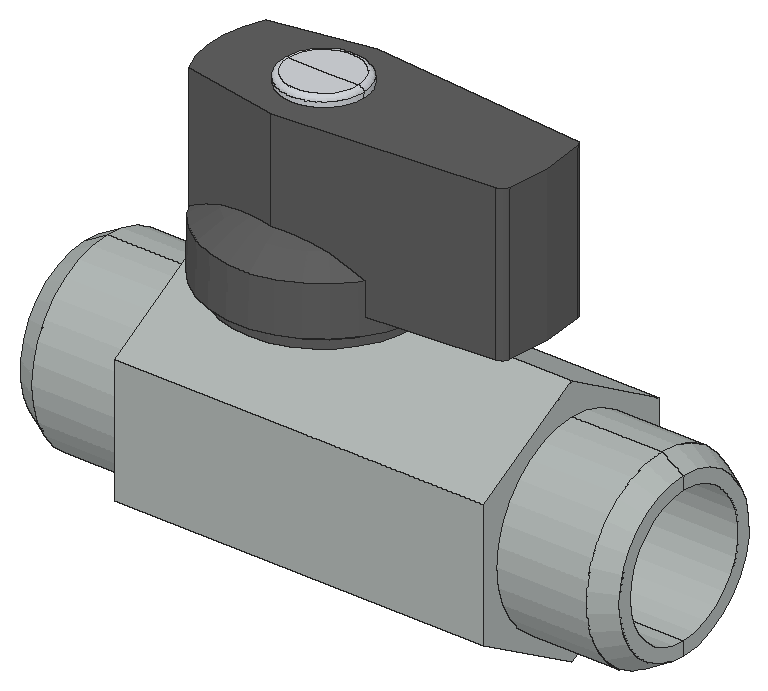
Revit family "QL10900000", category Apparecchi idraulici, Revit 2020
Family settings
  Quota connettore circolare = Usa diametro
  Tipo di parte = Normale
  Numero OmniClass = 23.45.00.00
  Titolo OmniClass = Sanitary, Laundry, and Cleaning Equipment
  Basato su piano di lavoro = No
  Sempre verticale = Sì
  Taglio con vuoti quando caricato = No
  Condiviso = No
  Punto di calcolo locali = No
Parameters
  URL = "https://web.cimberio.com/index.php/figura/36?subcategoria_id=47"
  Temperatura di esercizio = "-20 ÷ 95°C"
  Prospetto di default = 0 mm
  Produttore = "CIMBERIO SPA"
  Pressione nominale = "PN 150"
  Modello = "Cim 015"
  Materiale = "Prodotto in lega di ottone conforme alla norma EN 12165-CW617N-DW"
  Descrizione = "Realizzato in ottemperanza ai requisiti gestionali della norma EN ISO 9001.\r\nUtilizzato per la regolazione della temperatura degli ambienti e comandare apparecchi degli impianti di riscaldamento e condizionamento."
  DN Model [instance] = QL10901015 : QL10901015
  DN [instance] = 15 mm
  Commenti sul tipo = "Utilizzato nei più svariati settori dell'impiantistica: impianti di riscaldamento, condizionamento, idrici, igienico-sanitari, aria compressa e in generale con ogni fluido non corrosivo"
Reference planes
  plane 1 "Centro (Fronte/Retro)": y = 0
  plane 2: z = 0
  plane 3 "Centro (Sinistra/Destra)": x = 0
Dimensions and locks
  aligned and locked: level to plane 2
Nested families
  nested 1: "QL10901015" at (0, 0, 0), type <- "DN Model", type "QL10901015"
  nested 2: "QL10901015" at (0, 0, 0), type <- "DN Model", type "QL10901015"
  nested 3: "QL10901015" at (0, 0, 0), type <- "DN Model", type "QL10901015"
Connectors
  piping at (32.238, 0, 11.892), diameter 15, driven by "DN"
    settings: on nested 1, index 1, connector inside diameter 609.6 mm, connector length 0 mm, flow factor 0, pipe flow 0.0 L/s, pressure drop 0.0 Pa, fitting loss kfactor 0, connector angle 0.00°, fixture units 0, engagement length 0 mm, angle of deflection 0.00°, flow configuration 0, flow direction 0, fitting loss method 0, system type 7, joint type 0, gender type 0, connector reference index -1, connector utility 0, adjustable connector no, is connector primary yes, connector description ""
  piping at (-27.762, 0, 11.892), diameter 15, driven by "DN"
    settings: on nested 1, index 2, connector inside diameter 609.6 mm, connector length 0 mm, flow factor 0, pipe flow 0.0 L/s, pressure drop 0.0 Pa, fitting loss kfactor 0, connector angle 0.00°, fixture units 0, engagement length 0 mm, angle of deflection 0.00°, flow configuration 0, flow direction 0, fitting loss method 0, system type 7, joint type 0, gender type 0, connector reference index -1, connector utility 0, adjustable connector no, is connector primary no, connector description ""
Definition of nested family "QL10901015"
  Parameters (values of type "QL10901015")
    URL = "https://web.cimberio.com/index.php/figura/1418?subcategoria_id="
    Temperatura di esercizio = "-10 ÷ 110°C"
    Default Elevation = 0 mm
    Manufacturer = "CIMBERIO SPA"
    Pressione nominale = "PN 10"
    Model = "Cim 150VIC"
    Materiale = "Prodotto in lega di ottone conforme alla norma EN 12165-CW617N-DW"
    Description = "Utilizzato nei più svariati settori dell'impiantistica: impianti di riscaldamento, condizionamento, idrici, igienico-sanitari e in generale con ogni fluido non corrosivo"
    DN Model [instance] = HG00081015 : HG00081015
    DN [instance] = 15 mm
    Type Comments = "Realizzato in ottemperanza ai requisiti gestionali della norma EN ISO 9001.\r\nCollaudato al 100% secondo la normativa EN 12266-1"
  Reference planes
    plane 1 "Centro (Fronte/Retro)": y = 0
    plane 2: z = 0
    plane 3 "Centro (Sinistra/Destra)": x = 0
  Forms (mm)
    Extrusion 1, solid
      sketch origin (0, 0, 14) x (0, 1, 0) y (0, 0, 1)
        loop
          circle (0, 0) r 7.5
        loop
          line (0, 14) -> (-12.124, 7) -> (-12.124, -7) -> (0, -14) -> (12.124, -7) -> (12.124, 7) -> (0, 14)
      from -15.043 to 25.957
    Revolve 2, solid
      sketch origin (0.156, 0, -0.02) x (1, 0, 0) y (0, 0, 1)
        loop
          line (-13.65, 29.159) -> (-12.068, 28.245) -> (-12.068, 27.3) -> (-1.75, 27.3) -> (-1.75, 38.235)
          arc (-1.75, 38.235) -> (-7.968, 37.443) -> (-13.555, 34.603) r 18.326
          line (-13.555, 34.603) -> (-13.65, 29.159)
        axis (-1.75, 27.3) -> (-1.75, 38.235)
      angle from 0 to 360
    Revolve 3, solid
      sketch origin (0.186, 0, -0.001) x (1, 0, 0) y (0, 0, 1)
        loop
          line (-6.25, 48.586) -> (-6.25, 47.06) -> (-1.75, 47.06) -> (-1.75, 49.1) -> (-5.644, 49.1)
          arc (-5.644, 49.1) -> (-6.041, 48.954) -> (-6.25, 48.586) r 0.614
        axis (-1.75, 49.1) -> (-1.75, 47.06)
      angle from 0 to 360
    Extrusion 4, solid
      sketch origin (0, 0, 0) x (1, 0, 0) y (0, 1, 0)
        loop
          line (-1.55, -7.358) -> (21.897, -5.374)
          arc (21.897, -5.374) -> (22.482, -5.121) -> (22.795, -4.565) r 1
          arc (22.795, -4.565) -> (23.239, 0.126) -> (22.795, 4.817) r 25
          arc (22.795, 4.817) -> (22.645, 5.184) -> (22.364, 5.464) r 1
          line (22.364, 5.464) -> (-1.549, 7.359) -> (-12.286, 5.325)
          arc (-12.286, 5.325) -> (-13.555, -0.054) -> (-12.237, -5.422) r 11.805
          line (-12.237, -5.422) -> (-1.55, -7.358)
      from 31.045 to 48.089
    Revolve 5, solid
      sketch origin (-0.985, 0, 0) x (1, 0, 0) y (0, 0, 1)
        loop
          line (-14.058, 24.427) -> (-24.564, 24.422) -> (-27.063, 22.977) -> (-27.063, 21.5) -> (-14.058, 21.5) -> (-14.058, 24.427)
        axis (-14.058, 14) -> (-27.063, 14)
      angle from 0 to 360
    Revolve 6, solid
      sketch origin (11.389, 0, 0) x (-1, 0, 0) y (0, 0, -1)
        loop
          line (-14.058, -24.427) -> (-14.058, -21.5) -> (-27.063, -21.5) -> (-27.063, -22.977) -> (-24.564, -24.422) -> (-14.058, -24.427)
        axis (-14.058, -14) -> (-27.063, -14)
      angle from 0 to 360
  Dimensions and locks
    aligned and locked: level to plane 2
